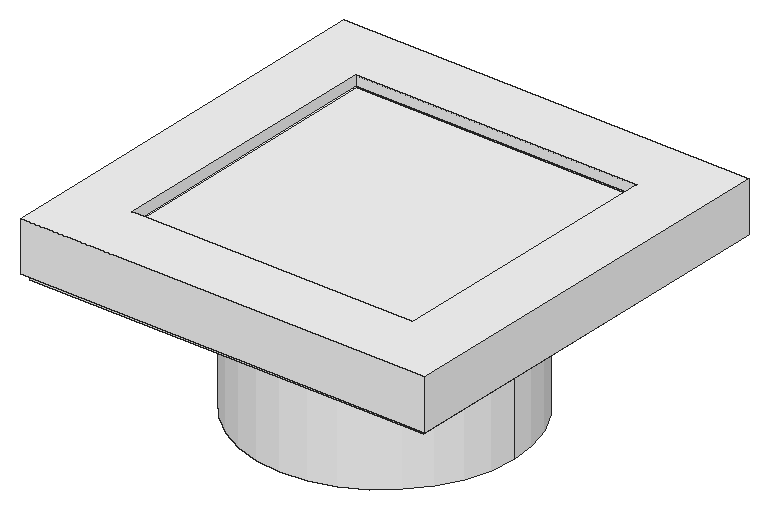
Revit family "Gira_283203", category Electrical Fixtures, host Face, Revit 2017
Family settings
  Host = Face
  Maintain Annotation Orientation = Yes
  Round Connector Dimension = Use Diameter
  Part Type = Normal
  Cut with Voids When Loaded = No
  Shared = No
  Room Calculation Point = No
Parameters (values of type "Rocker sw. 3-g 2-way System 55 p.white")
  White [instance] = White
  URL = "http://katalog.gira.de/en/datenblatt.html?artikelnr=283203"
  Name = "Rocker sw. 3-g 2-way System 55 p.white"
  Model = "Sys55_Komplettgerät_Schalten und Tasten"
  Manufacturer URL = "https://www.gira.de/"
  Manufacturer = "Gira"
  Label space/information surface = "No"
  HeinzeBIM = "https://bimportal.heinze.de/bim/rocker-sw-3-g-2-way-system-55-p-white/75b00e0e15dc097ef7b5bfa18d5213be7fbe01ae"
  HAN = "283203"
  GTIN = "4010337832034"
  Description = "Rock.sw.3g 2-w Sys55 PW,British Standard rocker switch (BS EN 60669-1) 3-gang with rockers,System 55, Support ring 71 x 71 mm, universal off 2-way switch,pure white glossy,Features:,- With screw terminals.,,Notes :,- For screw mounting only."
  Default Elevation = 1219.2 mm
  Data sheet (1) = "https://katalog.gira.de/en/download.html?artikelnr=283203"
  Category = "Switch"
  BIM (1) = "https://media.stage.bim.site/public/gira/36a6b08/Sys55_Komplettgerät_Schalten und Tasten.rfa?public/gira/36a6b08/Sys55_Komplettgerät_Schalten und Tasten.rfa"
  Available = "No"
Reference planes
  plane 1 "Center (Front/Back)": y = 0
  plane 2: z = 0
  plane 3 "Center (Left/Right)": x = 0
Forms (mm)
  Extrusion 1, solid, material "White" <- "White", detail levels medium
    sketch origin (0, 0, 0) x (1, 0, 0) y (0, 1, 0)
      loop
        line (-40.4, 40.4) -> (-40.4, -40.4) -> (40.4, -40.4) -> (40.4, 40.4) -> (-40.4, 40.4)
      loop
        line (-28, 28) -> (-28, -28) -> (28, -28) -> (28, 28) -> (-28, 28)
    from 0 to 10
  Extrusion 2, solid, material "White" <- "White", detail levels fine
    sketch origin (0, 0, 0) x (1, 0, 0) y (0, 1, 0)
      loop
        line (-40.4, 40.4) -> (-40.4, -40.4) -> (40.4, -40.4) -> (40.4, 40.4) -> (-40.4, 40.4)
      loop
        line (-28, 28) -> (-28, -28) -> (28, -28) -> (28, 28) -> (-28, 28)
    from 0 to 10
  Extrusion 3, void
    sketch origin (0, 0, 0) x (1, 0, 0) y (0, 1, 0)
      loop
        line (-38.4, 38.4) -> (-38.4, -38.4) -> (38.4, -38.4) -> (38.4, 38.4) -> (-38.4, 38.4)
    from 0 to 8
  Extrusion 4, solid, material "White" <- "White", detail levels medium+fine
    sketch origin (0, 0, 0) x (1, 0, 0) y (0, 1, 0)
      loop
        line (-39.4, 39.4) -> (-39.4, -39.4) -> (39.4, -39.4) -> (39.4, 39.4) -> (-39.4, 39.4)
    from 0 to -1
  Extrusion 5, solid, material "White" <- "White", detail levels medium+fine
    sketch origin (0, 0, 0) x (1, 0, 0) y (0, 1, 0)
      loop
        line (-35.5, 35.5) -> (-35.5, -35.5) -> (35.5, -35.5) -> (35.5, 35.5) -> (-35.5, 35.5)
    from -2 to -3
  Extrusion 6, solid, material "White" <- "White", detail levels medium+fine
    sketch origin (0, 0, 0) x (1, 0, 0) y (0, 1, 0)
      loop
        circle (0, 0) r 26
    from 0 to -27.5
  Extrusion 7, solid, material "White" <- "White", detail levels coarse
    sketch origin (0, 0, 0) x (1, 0, 0) y (0, 1, 0)
      loop
        line (-40.4, 40.4) -> (-40.4, -40.4) -> (40.4, -40.4) -> (40.4, 40.4) -> (-40.4, 40.4)
    from -27.5 to 10
Cuts and joins
  Extrusion 3 cuts Extrusion 2
Dimensions and locks
  aligned and locked: plane 2 to host face
  aligned and locked: level to host face
  aligned and locked: plane 3 "Center (Left/Right)" to nested 2
  aligned and locked: plane 1 "Center (Front/Back)" to nested 2
Nested families
  nested 1: "Sys55_Abdeckung_Schalten und Tasten_floor_base" at (0, 0, 0), type "Sys55_Abdeckung_Schalten und Tasten_floor_base"
  nested 2: "Schalter" at (0, 0, 0), type "Schalter"
Connectors
  electrical at (0, 0, -27.5)
    settings: on Extrusion 6, index 1, voltage 220 V, apparent load 0 VA, apparent load phase1 0 VA, apparent load phase2 0 VA, apparent load phase3 0 VA, power factor 1, load classification "Other", number of poles 1, system type 30, power factor state 1, is connector primary yes, connector utility no, sub classification motor no, connector description ""
Definition of nested family "Sys55_Abdeckung_Schalten und Tasten_floor_base"
  Parameters
    Default Elevation = 1219.2 mm
    White [instance] = none
  Reference planes
    plane 1 "Center (Front/Back)": y = 0
    plane 2: z = 0
    plane 3 "Center (Left/Right)": x = 0
  Forms (mm)
    Extrusion 1, solid
      sketch origin (0, 0, 0) x (1, 0, 0) y (0, 1, 0)
        loop
          line (-1219.2, 1219.2) -> (-1219.2, -1219.2) -> (1219.2, -1219.2) -> (1219.2, 1219.2) -> (-1219.2, 1219.2)
      from 0 to -304.8
    Extrusion 2, solid, material <- "White", detail levels fine
      sketch origin (0, 0, 0) x (1, 0, 0) y (0, 1, 0)
        loop
          line (-27.5, 27.5) -> (-27.5, -27.5) -> (27.5, -27.5) -> (27.5, 27.5) -> (-27.5, 27.5)
      from 0 to 8
    Extrusion 3, void
      sketch origin (0, 0, 0) x (1, 0, 0) y (0, 1, 0)
        loop
          line (26, 26) -> (-26, 26) -> (-26, -26) -> (26, -26) -> (26, 26)
      from 0 to 6
    Extrusion 4, solid, material <- "White", detail levels medium
      sketch origin (0, 0, 0) x (1, 0, 0) y (0, 1, 0)
        loop
          line (-27.5, 27.5) -> (-27.5, -27.5) -> (27.5, -27.5) -> (27.5, 27.5) -> (-27.5, 27.5)
      from 0 to 8
    Extrusion 5, solid, material <- "White", detail levels medium
      sketch origin (0, 0, 0) x (1, 0, 0) y (0, 1, 0)
        loop
          line (11, -17.5) -> (11, 17.5) -> (-11, 17.5) -> (-11, -17.5) -> (11, -17.5)
      from -6 to 6
    Extrusion 6, solid, material <- "White", detail levels fine
      sketch origin (0, 0, 0) x (1, 0, 0) y (0, 1, 0)
        loop
          line (11, 17.5) -> (-11, 17.5) -> (-11, 16.5) -> (11, 16.5) -> (11, 17.5)
        loop
          line (-11, -16.5) -> (-11, -17.5) -> (11, -17.5) -> (11, -16.5) -> (-11, -16.5)
      from -4 to 6
    Extrusion 7, solid, material <- "White", detail levels fine
      sketch origin (0, 0, 0) x (1, 0, 0) y (0, 1, 0)
        loop
          arc (5, 9.347) -> (0, 10.6) -> (-5, 9.347) r 10.6
          line (-5, 9.347) -> (-5, -9.347)
          arc (-5, -9.347) -> (0, -10.6) -> (5, -9.347) r 10.6
          line (5, -9.347) -> (5, 9.347)
      from -6 to 6
    Extrusion 8, solid, material <- "White", detail levels coarse
      sketch origin (0, 0, 0) x (1, 0, 0) y (0, 1, 0)
        loop
          line (-27.5, 27.5) -> (-27.5, -27.5) -> (27.5, -27.5) -> (27.5, 27.5) -> (-27.5, 27.5)
      from -6 to 8
  Cuts and joins
    Extrusion 3 cuts Extrusion 2
  Dimensions and locks
    aligned and locked: plane 2 to Extrusion 1
    aligned and locked: level to Extrusion 1
Definition of nested family "Schalter"
  Reference planes
    plane 1: y = 0
    plane 2: x = 0
  Lines and regions (mm)
    detail lines
      curve 1: circle (1.375, 2.778, 0) r 0.8 normal (0, 0, 1)
      curve 2: line (1.021, 2.061, 0) -> (0, 0, 0)
      curve 3: line (0, 0, 0) -> (-0.538, 0.266, 0)
  Dimensions and locks
    curve 2 to curve 2 = 2.3 mm
    curve 3 to curve 2 = 0.6 mm
    radius of curve 1 = 0.8 mm
